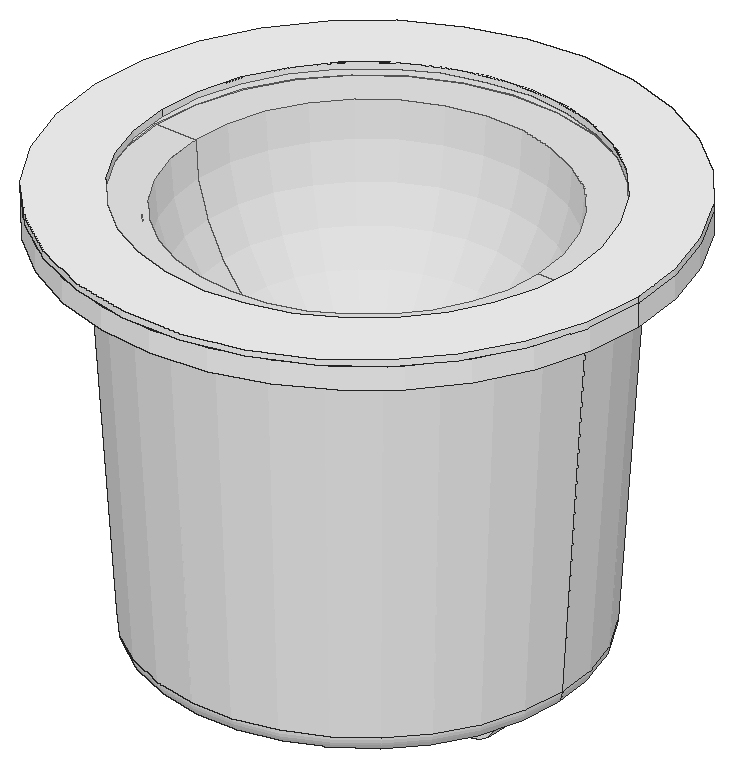
Revit family "2058877 Feilo Sylvania Lighting Fixture MYRD IP FL 4K DALI WHT WBEZ", category Lighting Fixtures, host Face, Revit 2017
Family settings
  Host = Face
  Round Connector Dimension = Use Diameter
  Part Type = Normal
  OmniClass Number = 23.80.70.11.17
  OmniClass Title = Specialized Lighting by Location or Use
  Cut with Voids When Loaded = No
  Light Source = Yes
  Shared = No
  Room Calculation Point = No
Parameters
  Weight = "0.44 kg"
  Wattage = 10 W
  WarrantyStartDate [instance] = "n/a"
  WarrantyGuarantorParts = "n/a"
  WarrantyDurationUnit = "n/a"
  WarrantyDurationParts = "n/a"
  WarrantyDescription = "n/a"
  built-in parameter 1150110 = 1 (stored number, unit not read)
  Voltage = 230 V
  URL = "http://www.sylvania-lighting.com"
  TypeName = "MYRD IP FL 4K DALI WHT WBEZ"
  Type Image = 0
  Type Comments = ""
  built-in parameter 1114217 = 1 (stored number, unit not read)
  Tilt Angle = -90°
  built-in parameter 1150109 = 1 (stored number, unit not read)
  built-in parameter 1150134 = 12
  built-in parameter 1150113 = 1 (stored number, unit not read)
  SerialNumber [instance] = "n/a"
  Reflector Radius = Cutout Diameter / 2 - 2.5 mm  # 35.0 mm
  Reflector Material = Aluminum_Sylvania_Myriad_Bright
  Recessed Depth = Height  # 72.0 mm
  PowerFactor = 0
  PowerConsumption = "10 W"
  Photometric Web File = ""
  NominalWidth = 0.0 mm
  NominalLength = 76.0 mm
  NominalHeight = 72.0 mm
  Name = "MYRD IP FL 4K DALI WHT WBEZ"
  ModelReference = "MYRD IP FL 4K DALI WHT WBEZ"
  ModelNumber = "2058877"
  Material = "Aluminium"
  ManufacturerName = "Feilo Sylvania"
  LuminousEfficacy = "98 lm/W"
  LuminaireType = "Ceiling recessed"
  LightOutputRatio = "1"
  LampsType = Lamp  # "LED"
  LampNominalLuminous = "977 lm"
  LampMacAdamStep = "n/a"
  LampColourTemperature = "4000 K"
  LampColourRenderingIndex = "n/a"
  Keynote = "16500"
  Keynote_2 = "16500"
  InstallationDate [instance] = "n/a"
  InputVoltage = "230-240V~"
  InputNominalFrequency = "50/60 Hz"
  IngressProtection = "IP65"
  ImpactProtectionIndex = "IK02"
  IfcExportType = "IfcLightFixtureType"
  IfcExportAs = "IfcLightFixtureType"
  Height = 72.0 mm  # constant formula
  ExpectedLife = 50000
  Emit from Circle Diameter = Accessory Inner Diameter 2  # 68.0 mm
  Emit Shape Visible in Rendering = no
  ElectricShockClassification = "Class II"
  DurationUnit = "hours"
  DocumentationLiterature = "http://www.sylvania-lighting.com/product/en-int/products/2058877"
  DimmingControlOptions = "Dimmable"
  Diffuser Material = Glass_Sylvania_Myriad_Clear_4000K
  Diffuser Diameter = Cutout Diameter  # 75.0 mm
  Cutout Diameter = 75.0 mm  # constant formula
  CreatedOn = "03-11-2017"
  CreatedBy = ""
  Cost = 0
  built-in parameter 1114216 [instance] = 1 (stored number, unit not read)
  built-in parameter 1150142 = (empty or 0)
  Model = "MYRD IP FL 4K DALI WHT WBEZ"
  Manufacturer = "Feilo Sylvania"  # constant formula
  built-in parameter 1150105 = 77.986 (stored number, unit not read)
  Lumens = 980 lm
  built-in parameter 1150115 = 1 (stored number, unit not read)
  built-in parameter 1150137 = (empty or 0)
  built-in parameter 1150139 = (empty or 0)
  built-in parameter 1150112 = 1 (stored number, unit not read)
  built-in parameter 1150114 = 1 (stored number, unit not read)
  Lamp = "LED"
  built-in parameter 1150132 = (empty or 0)
  built-in parameter 1150102 = (empty or 0)
  built-in parameter 1150107 = 4000 (stored number, unit not read)
  built-in parameter 1150138 = (empty or 0)
  built-in parameter 1150106 = 0.77986 (stored number, unit not read)
  built-in parameter 1150104 = 9.1045 (stored number, unit not read)
  Dimming Lamp Color Temperature Shift = (empty or 0)
  Description = "Supplied complete with electronic control gear Compact Fluorescent low energy downlight Emergency version passes through the cut out Ideal for low level orientation lighting New range of Architectural accessories each providing a different lit dimension New completely flush plaster up accessory ring for clean ceiling lines and smooth finish Order lamp separately"  # constant formula
  Default Elevation = 0.0 mm
  Color Filter = 16777215
  built-in parameter 1140040 [instance] = 1
  Body Radius = Reflector Radius + 1.5 mm  # 36.5 mm
  Body Material = Aluminum_Sylvania_Myriad_Gray
  BarCode [instance] = "n/a"
  built-in parameter 1114218 = 1 (stored number, unit not read)
  built-in parameter 1150133 = 10 (stored number, unit not read)
  AssetType = "Fixed"
  AssetIdentifier [instance] = "n/a"
  Assembly Code = "D5020200"
  Apparent Load = 10 VA
  Accessory Material = Aluminum_Sylvania_Myriad_White
  Accessory Inner Diameter 2 = Accessory Diameter - 22.0 mm  # 68.0 mm
  Accessory Inner Diameter 1 = Accessory Diameter - 2.0 mm  # 88.0 mm
  Accessory Diameter = Cutout Diameter + 15.0 mm  # 90.0 mm
Reference planes
  plane 1 "Center (Front/Back)": y = 0
  plane 2: z = 0
  plane 3 "Center (Left/Right)": x = 0
  plane 4: z = 2
  plane 5 "Fixture Bottom": z = 4.5
  plane 6: z = -28.5
  plane 7: z = -61.5
  plane 8 "Fixture Top": z = -67.5
  plane 9: z = 3.5
Forms (mm)
  Revolve 1, solid, material "Aluminum_Sylvania_Myriad_Bright" <- "Reflector Material", detail levels fine
    sketch origin (0, 0, 0) x (1, 0, 0) y (0, 0, 1)
      loop
        line (0, -27.515) -> (-6, -27.515)
        arc (-6, -27.515) -> (-22.333, -16.632) -> (-28.5, 2) r 30.135
        line (-28.5, 2) -> (-35, 2) -> (-35, 0) -> (-29.184, 0)
        arc (-29.184, 0) -> (-22.423, -18.18) -> (-6, -28.5) r 30.204
        line (-6, -28.5) -> (0, -28.5) -> (0, -27.515)
      axis (0, -28.5) -> (0, 2)
    angle from 0 to 360
  Revolve 2, solid, material "Aluminum_Sylvania_Myriad_Gray" <- "Body Material", detail levels fine
    sketch origin (0, 0, 0) x (1, 0, 0) y (0, 0, 1)
      loop
        line (-44, 2) -> (-44, 0) -> (-36.5, 0) -> (-32.42, -58.708)
        arc (-32.42, -58.708) -> (-31.474, -60.694) -> (-29.428, -61.5) r 3
        line (-29.428, -61.5) -> (0, -61.5) -> (0, -28.5) -> (-6, -28.5)
        arc (-6, -28.5) -> (-22.423, -18.18) -> (-29.184, 0) r 30.204
        line (-29.184, 0) -> (-35, 0) -> (-35, 2) -> (-44, 2)
      axis (0, 2) -> (0, -61.5)
    angle from 0 to 360
  Extrusion 3, solid, material "Aluminum_Sylvania_Myriad_Gray" <- "Body Material", detail levels fine
    sketch origin (0, 0, 0) x (1, 0, 0) y (0, 0, 1)
      loop
        line (-13.5, -67.5) -> (21, -67.5)
        arc (21, -67.5) -> (23.828, -66.328) -> (25, -63.5) r 4
        line (25, -63.5) -> (25, -61.5) -> (-17.5, -61.5) -> (-17.5, -63.5)
        arc (-17.5, -63.5) -> (-16.328, -66.328) -> (-13.5, -67.5) r 4
    from -4.5 to 4.5
  Extrusion 4, solid, material "Aluminum_Sylvania_Myriad_White" <- "Accessory Material", detail levels fine
    sketch origin (0, 0, 0) x (1, 0, 0) y (0, 1, 0)
      loop
        circle (0, 0) r 45
      loop
        circle (0, 0) r 44
    from 0 to 3.5
  Extrusion 5, solid, material "Aluminum_Sylvania_Myriad_White" <- "Accessory Material", detail levels fine
    sketch origin (0, 0, 0) x (1, 0, 0) y (0, 1, 0)
      loop
        circle (0, 0) r 45
      loop
        circle (0, 0) r 34
    from 3.5 to 4.5
  Extrusion 6, solid, material "Aluminum_Sylvania_Myriad_White" <- "Accessory Material", detail levels coarse+medium
    sketch origin (0, 0, 0) x (1, 0, 0) y (0, 1, 0)
      loop
        circle (0, 0) r 45
    from 0 to 4.5
  Revolve 7, solid, detail levels coarse+medium
    sketch origin (0, 0, 0) x (1, 0, 0) y (0, 0, 1)
      loop
        line (36.5, 0) -> (0, 0) -> (0, -61.5) -> (32.226, -61.5) -> (36.5, 0)
      axis (0, 0) -> (0, -61.5)
    angle from 0 to 360
  Extrusion 8, void
    sketch origin (0, 0, 0) x (1, 0, 0) y (0, 1, 0)
      loop
        circle (0, 0) r 37.5
    from -67.5 to 0
  Extrusion 9, solid, material "Glass_Sylvania_Myriad_Clear_4000K" <- "Diffuser Material", detail levels fine
    sketch origin (0, 0, 0) x (1, 0, 0) y (0, 1, 0)
      loop
        circle (0, 0) r 37.5
    from 2 to 3.5
Cuts and joins
  joined: Extrusion 4, Extrusion 5
Lines and regions (mm)
  Masking region 1
    outline origin (0, 0, 0) x (1, 0, 0) y (0, 1, 0)
      loop
        circle (0, 0) r 45
  symbolic lines
    curve 1: arc (-34, 0, 0) -> (0, 34, 0) -> (34, 0, 0) r 34
    curve 2: arc (34, 0, 0) -> (0, -34, 0) -> (-34, 0, 0) r 34
Dimensions and locks
  locked: plane 7 to plane 8 "Fixture Top" at 6
  "Body Radius": Revolve 7 sketch curve to plane 3 "Center (Left/Right)"
  locked: Revolve 7 sketch curve to Revolve 7 sketch curve at 4.274
  plane 5 "Fixture Bottom" to plane 9 to plane 4 to plane 2 to plane 6 = 1.0 mm locked, 1.5 mm locked, 2.0 mm locked, 28.5 mm locked
  "Reflector Radius": Revolve 1 sketch curve to plane 3 "Center (Left/Right)"
  Revolve 1 sketch curve to Revolve 1 sketch curve to Revolve 1 sketch curve to Revolve 1 sketch curve = 6.5 mm locked, 22.5 mm locked, 0.0 mm locked
  "Reflector Radius": plane 3 "Center (Left/Right)" to Revolve 2 sketch curve
  Revolve 2 sketch curve to Revolve 2 sketch curve to Revolve 2 sketch curve = 7.5 mm locked, 1.5 mm locked
  Revolve 2 sketch curve to Revolve 2 sketch curve to Revolve 2 sketch curve = 5.816 mm locked, 23.184 mm locked
  Revolve 2 sketch curve to Revolve 2 sketch curve to Revolve 2 sketch curve = 2.58 mm locked, 2.993 mm locked
  "Accessory Diameter": diameter of Extrusion 4 sketch curve
  "Accessory Inner Diameter 1": diameter of Extrusion 4 sketch curve
  "Accessory Diameter": diameter of Extrusion 5 sketch curve
  "Accessory Diameter": diameter of Extrusion 6 sketch curve
  "Cutout Diameter": diameter of Extrusion 8 sketch curve
  "Accessory Inner Diameter 2": diameter of Extrusion 5 sketch curve
  "Diffuser Diameter": diameter of Extrusion 9 sketch curve
  aligned and locked: plane 2 to host face
  aligned and locked: level to host face
  aligned and locked: plane 1 "Center (Front/Back)" to imposter light
  aligned and locked: plane 3 "Center (Left/Right)" to imposter light
  aligned and locked: Revolve 1 sketch curve to imposter light
  aligned and locked: Extrusion 3 sketch curve to plane 8 "Fixture Top"
  aligned and locked: plane 7 to Extrusion 3 sketch curve
  aligned and locked: Extrusion 4 to plane 2
  aligned and locked: plane 9 to Extrusion 4
  aligned and locked: Extrusion 5 to plane 9
  aligned and locked: plane 5 "Fixture Bottom" to Extrusion 5
  aligned and locked: Extrusion 6 to plane 2
  aligned and locked: plane 5 "Fixture Bottom" to Extrusion 6
  aligned and locked: Extrusion 8 to plane 8 "Fixture Top"
  aligned and locked: plane 2 to Extrusion 8
  aligned and locked: Masking region 1 sketch curve to Extrusion 6  (x2)
  aligned and locked: Extrusion 9 to plane 4
  aligned and locked: plane 9 to Extrusion 9
  aligned and locked: plane 4 to Revolve 2 sketch curve
  aligned and locked: Revolve 2 sketch curve to plane 2
  aligned and locked: curve 1 to cut or joined group of Extrusion 4, Extrusion 5
  aligned and locked: curve 2 to cut or joined group of Extrusion 4, Extrusion 5
  aligned and locked: imposter light to plane 5 "Fixture Bottom"
Automatic sketch dimensions
  host sketch curve to host sketch curve = 1305.563 mm
  host sketch curve to host sketch curve = 1283.632 mm
  Extrusion 3 sketch curve to plane 7 = 2.0 mm
  Extrusion 3 sketch curve to plane 3 "Center (Left/Right)" = 13.5 mm
  plane 3 "Center (Left/Right)" to Extrusion 3 sketch curve = 21.0 mm
  Extrusion 3 sketch curve to Extrusion 3 sketch curve = 4.0 mm
  Revolve 1 sketch curve to level = 0.0 mm
  Revolve 1 sketch curve to plane 3 "Center (Left/Right)" = 0.0 mm
  Revolve 1 sketch curve to plane 6 = 0.0 mm
  Revolve 1 sketch curve to plane 4 = 0.0 mm
  Revolve 1 sketch curve to Revolve 1 sketch curve = 0.684 mm
  level to Revolve 1 sketch curve = 0.88 mm
  Revolve 1 sketch curve to plane 4 = 0.363 mm
  Revolve 1 sketch curve to Revolve 1 sketch curve = 0.625 mm
  Revolve 1 sketch curve to plane 8 "Fixture Top" = 232.8 mm
  plane 5 "Fixture Bottom" to Revolve 1 sketch curve = 291.243 mm
  Revolve 2 sketch curve to plane 3 "Center (Left/Right)" = 0.0 mm  (x2)
  Revolve 2 sketch curve to plane 7 = 0.0 mm
  Revolve 2 sketch curve to plane 6 = 0.0 mm
  Revolve 2 sketch curve to level = 0.0 mm
  level to Revolve 2 sketch curve = 0.88 mm
  plane 7 to Revolve 2 sketch curve = 2.792 mm
  Revolve 2 sketch curve to plane 8 "Fixture Top" = 304.774 mm
  plane 5 "Fixture Bottom" to Revolve 2 sketch curve = 1137.105 mm
  Extrusion 4 sketch curve to Extrusion 4 sketch curve = 0.0 mm  (x2)
  plane 1 "Center (Front/Back)" to Extrusion 4 sketch curve = 0.0 mm
  Extrusion 4 sketch curve to plane 3 "Center (Left/Right)" = 0.0 mm
  Extrusion 5 sketch curve to Extrusion 5 sketch curve = 0.0 mm  (x2)
  plane 1 "Center (Front/Back)" to Extrusion 5 sketch curve = 0.0 mm
  Extrusion 5 sketch curve to plane 3 "Center (Left/Right)" = 0.0 mm
  plane 1 "Center (Front/Back)" to Extrusion 6 sketch curve = 0.0 mm
  Extrusion 6 sketch curve to plane 3 "Center (Left/Right)" = 0.0 mm
  Revolve 7 sketch curve to level = 0.0 mm
  Revolve 7 sketch curve to plane 3 "Center (Left/Right)" = 0.0 mm  (x2)
  Revolve 7 sketch curve to plane 7 = 0.0 mm
  Revolve 7 sketch curve to plane 8 "Fixture Top" = 304.774 mm
  plane 5 "Fixture Bottom" to Revolve 7 sketch curve = 43.226 mm
  plane 1 "Center (Front/Back)" to Extrusion 8 sketch curve = 0.0 mm
  Extrusion 8 sketch curve to plane 3 "Center (Left/Right)" = 0.0 mm
  plane 1 "Center (Front/Back)" to Extrusion 9 sketch curve = 0.0 mm
  Extrusion 9 sketch curve to plane 3 "Center (Left/Right)" = 0.0 mm
Connectors
  electrical at (-0.006, -0.019, -67.5), driven by "Apparent Load", driven by "Apparent Load"
    settings: on plane 8 "Fixture Top", index 1, voltage 230 V, apparent load 10 VA, apparent load phase1 10 VA, apparent load phase2 0 VA, apparent load phase3 0 VA, power factor 1, load classification "Lighting", number of poles 1, system type 30, power factor state 1, is connector primary yes, connector utility no, sub classification motor no, connector description ""
